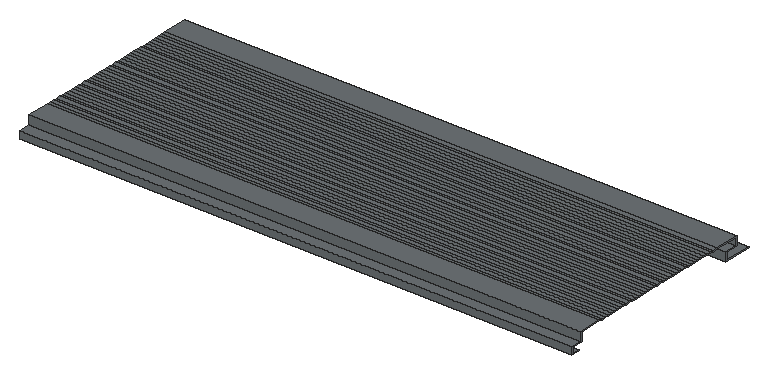
Revit family "BIMLIB_СайдингМеталлическийВертикальGofr_GRANDLINE", category Обобщенные модели, Revit 2017
Family settings
  Может служить основой для арматурных стержней = Нет
  Размер круглого соединителя = Использовать диаметр
  Тип детали = Нормальный
  При загрузке вырезать с полостями = Нет
  Общий = Нет
  Точка расчета площади = Нет
Parameters (values of type "Вертикаль gofr")
  Смещение от плоскости [instance] = 0 mm
  Описание = ADSK_Наименование  # "Металлический cайдинг Вертикаль gofr"
  Изготовитель = "Grand Line"  # constant formula
  built-in parameter 1001306 [instance] = 500 mm
  Watermark [instance] = "Модели защищены уникальным кодом"
  URL = "https://www.grandline.ru"
  BL_Разработано = "support@bimlib.pro"
  BL_Email = "info@grandline.ru"
  BL_BIM library = "https://bimlib.pro/manufacturer/company/22430"
  ADSK_Размер_Ширина = 176 mm
  ADSK_Размер_Длина [instance] = [built-in parameter 1001306]  # 500 mm
  ADSK_Обозначение = "ГОСТ 19904-90, ГОСТ 14918-80"
  ADSK_Наименование = "Металлический cайдинг Вертикаль gofr"
  ADSK_Материал тип подсчета = 2  # constant formula
  ADSK_Материал = GL_Drap_RAL7016
  ADSK_Масса_Текст [instance] = ""
  ADSK_Масса [instance] = 0
  ADSK_Марка = ""
  ADSK_Количество [instance] = if(ADSK_Материал тип подсчета = 0, 1, if(ADSK_Материал тип подсчета = 1, ADSK_Размер_Длина / 1000 mm, if(ADSK_Материал тип подсчета = 2, ADSK_Размер_Длина * ADSK_Размер_Ширина / 1.00 m², 0)))  # 0.088
  ADSK_Код изделия = "М.09-08.02"  # constant formula
  ADSK_Завод-изготовитель = "Grand Line"  # constant formula
  ADSK_Единица измерения = "м2"  # constant formula
  ADSK_Группирование = "Сайдинг"  # constant formula
  ADSK_Версия Revit = "2017"  # constant formula
  ADSK_URL страницы изделия = "https://www.grandline.ru/shop/fasad/metallicheskij-sajding/vertikal-grand-line/"
  ADSK_URL документации изделия = "https://www.grandline.ru/shop/fasad/metallicheskij-sajding/vertikal-grand-line/tehnicheskaya-dokumentaciya/#techdoc"
Reference planes
  plane 1 "По центру (Вперед/Назад)": y = 0
  plane 2: z = 0
  plane 3 "Слева": x = 0
  plane 4 "Справа": x = 500
  plane 5: y = 175.5
Forms (mm)
  Sweep 1, solid, material "GL_Drap_RAL7016" <- "ADSK_Материал"
    path in 3D
      loop
        line (0, 0, 0) -> (500, 0, 0)
    profile "Профиль_СайдингМеталлическийВертикальGofr : Профиль_СайдингМеталлическийВертикальGofr" origin (250, 0, 0) x (0, 1, 0) y (0, 0, 1)
      loop
        line (0, 1) -> (8, 1) -> (8, 1.8) -> (0.8, 1.8) -> (0.8, 6.7) -> (10.8, 6.7) -> (10.8, 14.7) -> (31.071, 14.7) -> (34.6, 14.448) -> (38.1, 14.698) -> (41.6, 14.448) -> (45.1, 14.698) -> (48.6, 14.448) -> (52.1, 14.698) -> (55.6, 14.448) -> (59.1, 14.698) -> (62.6, 14.448) -> (66.1, 14.698) -> (69.6, 14.448) -> (73.1, 14.698) -> (76.6, 14.448) -> (80.1, 14.698) -> (83.6, 14.448) -> (87.1, 14.698) -> (90.6, 14.448) -> (94.1, 14.698) -> (97.6, 14.448) -> (101.1, 14.698) -> (104.6, 14.448) -> (108.1, 14.698) -> (111.6, 14.448) -> (115.1, 14.698) -> (118.6, 14.448) -> (122.1, 14.698) -> (125.6, 14.448) -> (129.1, 14.698) -> (132.6, 14.448) -> (136.1, 14.698) -> (139.6, 14.448) -> (143.1, 14.698) -> (146.6, 14.448) -> (150.1, 14.698) -> (153.6, 14.448) -> (157.1, 14.698) -> (160.6, 14.448) -> (164.129, 14.7) -> (185.7, 14.7) -> (185.7, 8.3) -> (174.7, 8.3) -> (174.7, 0) -> (200, 0) -> (200, 0.8) -> (175.5, 0.8) -> (175.5, 7.5) -> (186.5, 7.5) -> (186.5, 15.5) -> (164.1, 15.5) -> (160.6, 15.25) -> (157.1, 15.5) -> (153.6, 15.25) -> (150.1, 15.5) -> (146.6, 15.25) -> (143.1, 15.5) -> (139.6, 15.25) -> (136.1, 15.5) -> (132.6, 15.25) -> (129.1, 15.5) -> (125.6, 15.25) -> (122.1, 15.5) -> (118.6, 15.25) -> (115.1, 15.5) -> (111.6, 15.25) -> (108.1, 15.5) -> (104.6, 15.25) -> (101.1, 15.5) -> (97.6, 15.25) -> (94.1, 15.5) -> (90.6, 15.25) -> (87.1, 15.5) -> (83.6, 15.25) -> (80.1, 15.5) -> (76.6, 15.25) -> (73.1, 15.5) -> (69.6, 15.25) -> (66.1, 15.5) -> (62.6, 15.25) -> (59.1, 15.5) -> (55.6, 15.25) -> (52.1, 15.5) -> (48.6, 15.25) -> (45.1, 15.5) -> (41.6, 15.25) -> (38.1, 15.5) -> (34.6, 15.25) -> (31.1, 15.5) -> (10, 15.5) -> (10, 7.5) -> (0, 7.5) -> (0, 1)
Lines and regions (mm)
  reference lines
    curve 1: line (0, 0, 0) -> (500, 0, 0)
  sketch lines
    curve 2: line (0, 0, 0) -> (500, 0, 0)
Dimensions and locks
  "built-in parameter 1001306": plane 3 "Слева" to plane 4 "Справа"
  aligned and locked: plane 4 "Справа" to curve 1
  aligned and locked: plane 1 "По центру (Вперед/Назад)" to curve 1
  aligned and locked: plane 3 "Слева" to curve 1
  aligned and locked: level to plane 2
